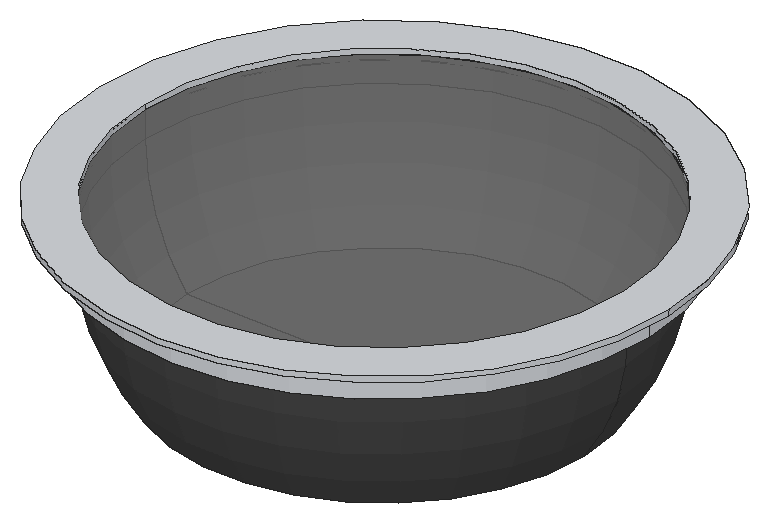
Revit family "3031819 Lighting Fixture_Sylvania_Syl-Lighter II_Ceiling Recessed", category Lighting Fixtures, host Face, Revit 2017
Family settings
  Host = Face
  Round Connector Dimension = Use Diameter
  Part Type = Normal
  OmniClass Number = 23.80.70.11.17
  OmniClass Title = Specialized Lighting by Location or Use
  Cut with Voids When Loaded = No
  Light Source = Yes
  Shared = No
  Room Calculation Point = No
Parameters (values of type "Syl-Lighter LED II 220 RO 21W NW 1-10V")
  Weight = 0.60 kg
  Wattage = 21 W
  built-in parameter 1150110 = 1 (stored number, unit not read)
  Voltage Comments = "UNV (Universal Voltage; 220-240 Volt)"  # constant formula
  Voltage = 240 V  # constant formula
  URL = "http://www.sylvania-lighting.com"
  built-in parameter 1114217 = 1 (stored number, unit not read)
  Tilt Angle = -90.00°  # constant formula
  built-in parameter 1150109 = 1 (stored number, unit not read)
  built-in parameter 1150134 = 12
  Ta Rating = "-10°C to +40°C"  # constant formula
  built-in parameter 1150113 = 1 (stored number, unit not read)
  Recessed Depth = Height  # 60.0 mm
  IP Rating = "IP44"  # constant formula
  IK Rating = "IK07"  # constant formula
  Energy Class = "A++, A+, A"  # constant formula
  Dimmable = "DALI"  # constant formula
  Catalog Number = "3031819 Syl-Lighter LED II 220 RO 21W NW 1-10V"
  Body Material = Metal_Sylvania_Syl-Lighter LED II_Silver
  Product Page URL = "http://www.sylvania-lighting.com/product/en-int/products/3031819"
  Product Family = "SYL-LIGHTER LED II"  # constant formula
  Photometry Comments = ""
  Photometric Web File = "3031819_Syl-LighterLEDII220RO21WNW1-10V-187637.ies"
  built-in parameter 1150105 = 1149.5 (stored number, unit not read)
  Lumens = 1988.91 lm
  built-in parameter 1150115 = 1 (stored number, unit not read)
  built-in parameter 1150137 = (empty or 0)
  built-in parameter 1150139 = (empty or 0)
  Life = "50 000h"  # constant formula
  built-in parameter 1150112 = 1 (stored number, unit not read)
  built-in parameter 1150114 = 1 (stored number, unit not read)
  Lamp Comments = "Integrated LED"
  built-in parameter 1150132 = 2
  built-in parameter 1150102 = (empty or 0)
  built-in parameter 1150107 = 4000 (stored number, unit not read)
  built-in parameter 1150138 = (empty or 0)
  built-in parameter 1150106 = 11.495 (stored number, unit not read)
  Glow Wire Test = 650 °C  # constant formula
  Emit from Circle Diameter = Diffuser Diameter  # 185.0 mm
  Emit Shape Visible in Rendering = no
  built-in parameter 1150104 = 8.7988 (stored number, unit not read)
  Drive Current = "450mA"
  Dimming Lamp Color Temperature Shift = <None>
  Diffuser Radius = Diffuser Diameter / 2  # 92.5 mm
  Diffuser Diameter = Diameter - 20.0 mm  # 185.0 mm
  Inner Diameter = Diameter - 4.0 mm  # 201.0 mm
  Cutout Diameter = Diameter  # 205.0 mm
  Color Filter = 16777215
  Beam Angle = 74.00°
  built-in parameter 1114218 = 1 (stored number, unit not read)
  built-in parameter 1150133 = 10 (stored number, unit not read)
  Height = 60.0 mm
  Electrical Protection = "CLASS II"  # constant formula
  built-in parameter 1114216 [instance] = 1 (stored number, unit not read)
  Model = "Syl-Lighter LED II 220 RO 21W NW 1-10V"
  Manufacturer = "Feilo Sylvania"  # constant formula
  Lamp = "LED"
  Diffuser Material = Polycarbonate_Sylvania_Syl-Lighter LED II_Opal
  Description = "Syl-Lighter LED II is available in 4 different round body sizes: 165mm, 195mm, 220mm & 240mm Syl-Lighter LED II 165 12W delivers a 1,134 lumen output (4,000K) - perfect for 1x26W CFL replacement Syl-Lighter LED II 195 15W delivers a 1,480 lumen output (4,000K) - perfect for 1x32W/2x18W CFL replacement Syl-Lighter LED II 220 21W delivers a 1,989 lumen output (4,000K) - perfect for 1x42W CFL replacement Syl-Lighter LED II 240 25W delivers a 2,289 lumen output (4,000K)- perfect for 2x26W CFL replacement High efficacy up to 99lm/W (Syl-Lighter LED II 195 4,000K) IP44 rating allows for installation in applicable wet zone areas Choice of 3,000K (warm white) or 4,000K (neutral white) Shallow recess depth of <65mm Can replace existing large CFL downlights using a 225mm ceiling cut out (Syl-Lighter LED II 240) Energy efficient electronic gear including analogue 1-10V and DALI dimmable options IK07 polycarbonate diffuser allows for a wider light distribution than a reflector downlight, allowing for increased spacings between luminaires 3 hour emergency pack available (to be ordered in addition to the luminaire) Ideal for applications such as corridors, public WCs and back of house areas Quick and easy to install Loop in-Loop out facility with red push fit terminal block for quick wiring White bezel (RAL 9003) Energy Class: A++, A+, A Long lifetime: 50,000 hours life at L70 (L80: 30,000 hours, L90: 15,000 hours)"  # constant formula
  Default Elevation = 0.0 mm
  built-in parameter 1140040 [instance] = 1
  Assembly Code = "D5020200"
  Apparent Load Comments = ""
  Apparent Load = 21 VA
  Accessory Radius = Accessory Diameter / 2  # 110.0 mm
  Accessory Material = Aluminum_Sylvania_Syl-Lighter LED II_White_RAL 9003
  Diameter = 205.0 mm
  Accessory Diameter = 220.0 mm
Reference planes
  plane 1 "Center (Front/Back)": y = 0
  plane 2: z = 0
  plane 3 "Center (Left/Right)": x = 0
  plane 4 "Fixture Bottom": z = 2
  plane 5: z = -10
  plane 6 "Fixture Top": z = -60
  plane 7: z = -2
Forms (mm)
  Extrusion 1, void
    sketch origin (0, 0, 58) x (-1, 0, 0) y (0, -1, 0)
      loop
        circle (0, 0) r 102.5
    from -171 to -55
  Extrusion 2, solid, detail levels fine
    sketch origin (0, 0, 58) x (-1, 0, 0) y (0, -1, 0)
      loop
        circle (0, 0) r 102.5
      loop
        circle (0, 0) r 100.5
    from -68 to -58
  Extrusion 3, solid, detail levels fine
    sketch origin (0, 0, 58) x (-1, 0, 0) y (0, -1, 0)
      loop
        circle (0, 0) r 110
      loop
        circle (0, 0) r 92.5
    from -58 to -56
  Extrusion 4, solid, material "Polycarbonate_Sylvania_Syl-Lighter LED II_Opal" <- "Diffuser Material", detail levels fine
    sketch origin (0, 0, 58) x (-1, 0, 0) y (0, -1, 0)
      loop
        circle (0, 0) r 92.5
    from -60 to -58
  Revolve 5, solid, material "Metal_Sylvania_Syl-Lighter LED II_Silver" <- "Body Material", detail levels fine
    sketch origin (0, 0, 0) x (1, 0, 0) y (0, 0, 1)
      loop
        line (-92.5, 0) -> (-94.5, 0) -> (-94.5, -10)
        arc (-94.5, -10) -> (-90.134, -36.405) -> (-77.5, -60) r 82.029
        line (-77.5, -60) -> (0, -60) -> (0, -58) -> (-76.507, -58)
        arc (-76.507, -58) -> (-88.397, -35.297) -> (-92.5, -10) r 80.029
        line (-92.5, -10) -> (-92.5, 0)
      axis (0, -60) -> (0, 0)
    angle from 0 to 360
  Revolve 6, solid, material "Aluminum_Sylvania_Syl-Lighter LED II_White_RAL 9003" <- "Accessory Material", detail levels coarse+medium
    sketch origin (0, 0, 0) x (1, 0, 0) y (0, 0, 1)
      loop
        line (-110, 2) -> (-110, 0) -> (-102.5, 0) -> (-102.5, -10) -> (-94.5, -10)
        arc (-94.5, -10) -> (-90.134, -36.405) -> (-77.5, -60) r 82.029
        line (-77.5, -60) -> (0, -60) -> (0, 2) -> (-110, 2)
      axis (0, 2) -> (0, -60)
    angle from 0 to 360
Cuts and joins
  joined: Extrusion 2, Extrusion 3
Lines and regions (mm)
  Masking region 1
    outline origin (0, 0, 58) x (-1, 0, 0) y (0, -1, 0)
      loop
        circle (0, 0) r 110
  symbolic lines, detail levels fine
    curve 1: arc (-92.5, 0, 58) -> (0, 92.5, 58) -> (92.5, 0, 58) r 92.5
    curve 2: arc (92.5, 0, 58) -> (0, -92.5, 58) -> (-92.5, 0, 58) r 92.5
Dimensions and locks
  locked: plane 4 "Fixture Bottom" to plane 2 at 2
  locked: plane 2 to plane 5 at 10
  "Height": plane 2 to plane 6 "Fixture Top"
  locked: plane 2 to plane 7 at 2
  "Diffuser Radius": plane 3 "Center (Left/Right)" to Revolve 5 sketch curve
  locked: Revolve 5 sketch curve to Revolve 5 sketch curve at 2
  locked: Revolve 5 sketch curve to Revolve 5 sketch curve at 15
  "Accessory Radius": plane 3 "Center (Left/Right)" to Revolve 6 sketch curve
  Revolve 6 sketch curve to Revolve 6 sketch curve to Revolve 6 sketch curve to Revolve 6 sketch curve = 7.5 mm locked, 8.0 mm locked, 17.0 mm locked
  "Cutout Diameter": diameter of Extrusion 1 sketch curve
  "Diameter": diameter of Extrusion 2 sketch curve
  "Inner Diameter": diameter of Extrusion 2 sketch curve
  "Accessory Diameter": diameter of Extrusion 3 sketch curve
  "Diffuser Diameter": diameter of Extrusion 3 sketch curve
  "Diffuser Diameter": diameter of Extrusion 4 sketch curve
  "Accessory Diameter": diameter of Masking region 1 sketch curve
  aligned and locked: host face to plane 2
  aligned and locked: host face to level
  aligned and locked: plane 4 "Fixture Bottom" to Extrusion 3
  aligned and locked: Extrusion 3 to plane 2
  aligned and locked: Extrusion 2 to plane 5
  aligned and locked: plane 2 to Extrusion 2
  aligned and locked: Extrusion 4 to plane 7
  aligned and locked: plane 2 to Extrusion 4
  aligned and locked: Revolve 5 sketch curve to plane 2
  aligned and locked: plane 5 to Revolve 5 sketch curve  (x2)
  aligned and locked: Revolve 5 sketch curve to plane 3 "Center (Left/Right)"
  aligned and locked: plane 3 "Center (Left/Right)" to Revolve 5 sketch curve
  aligned and locked: Revolve 6 sketch curve to plane 5
  aligned and locked: Revolve 6 sketch curve to plane 2
  aligned and locked: Revolve 6 sketch curve to plane 4 "Fixture Bottom"
  aligned and locked: plane 3 "Center (Left/Right)" to Revolve 6 sketch curve
  aligned and locked: Revolve 6 sketch curve to plane 3 "Center (Left/Right)"
  aligned and locked: plane 3 "Center (Left/Right)" to imposter light
  aligned and locked: imposter light to plane 1 "Center (Front/Back)"
  aligned and locked: imposter light to plane 4 "Fixture Bottom"
  aligned and locked: curve 1 to cut or joined group of Extrusion 2, Extrusion 3
Automatic sketch dimensions
  host sketch curve to host sketch curve = 700.0 mm
  host sketch curve to host sketch curve = 620.0 mm
  plane 1 "Center (Front/Back)" to Extrusion 1 sketch curve = 0.0 mm
  Extrusion 1 sketch curve to plane 3 "Center (Left/Right)" = 0.0 mm
  Extrusion 2 sketch curve to Extrusion 2 sketch curve = 0.0 mm  (x2)
  plane 1 "Center (Front/Back)" to Extrusion 2 sketch curve = 0.0 mm
  Extrusion 2 sketch curve to plane 3 "Center (Left/Right)" = 0.0 mm
  Extrusion 3 sketch curve to Extrusion 3 sketch curve = 0.0 mm  (x2)
  plane 1 "Center (Front/Back)" to Extrusion 3 sketch curve = 0.0 mm
  Extrusion 3 sketch curve to plane 3 "Center (Left/Right)" = 0.0 mm
  plane 1 "Center (Front/Back)" to Extrusion 4 sketch curve = 0.0 mm
  Extrusion 4 sketch curve to plane 3 "Center (Left/Right)" = 0.0 mm
  Revolve 5 sketch curve to Revolve 5 sketch curve = 0.0 mm
  Revolve 5 sketch curve to plane 6 "Fixture Top" = 0.0 mm
  plane 6 "Fixture Top" to Revolve 5 sketch curve = 2.0 mm
  Revolve 5 sketch curve to Revolve 5 sketch curve = 17.111 mm
  plane 4 "Fixture Bottom" to Revolve 5 sketch curve = 20.889 mm
  Revolve 6 sketch curve to plane 6 "Fixture Top" = 0.0 mm
  Revolve 6 sketch curve to plane 6 "Fixture Top" = 63.885 mm
  Revolve 6 sketch curve to Revolve 6 sketch curve = 84.115 mm
  plane 1 "Center (Front/Back)" to Masking region 1 sketch curve = 0.0 mm
  Masking region 1 sketch curve to plane 3 "Center (Left/Right)" = 0.0 mm
Connectors
  electrical at (0, 0, -60), driven by "Apparent Load", driven by "Voltage"
    settings: on Revolve 5, index 1, voltage 240 V, apparent load 0 VA, apparent load phase1 21 VA, apparent load phase2 0 VA, apparent load phase3 0 VA, power factor 1, load classification "Lighting", number of poles 1, system type 31, power factor state 1, is connector primary yes, connector utility no, sub classification motor no, connector description ""
